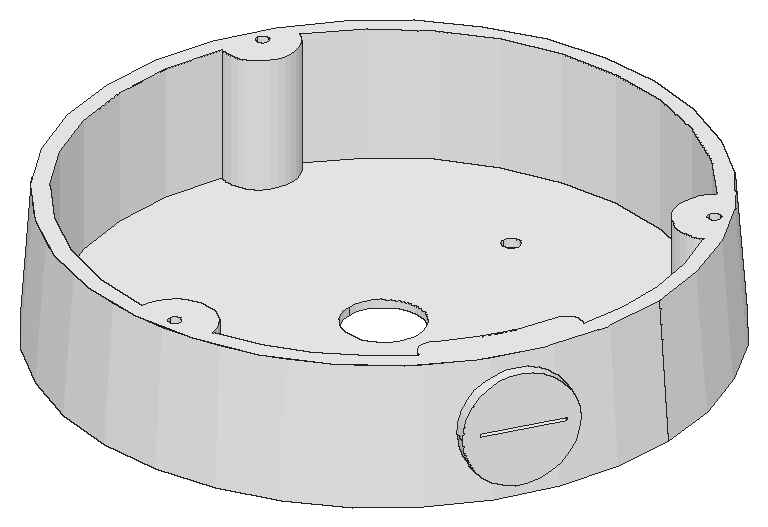
Revit family "DA-JB2200-IDIS", category Security Devices, Revit 2015
Parameters
  Default Elevation = 1219.2 mm
Reference planes
  plane 1 "Center (Front/Back)": y = 0
  plane 2: z = 0
  plane 3 "Center (Left/Right)": x = 0
  plane 4: z = 33.3
  plane 5: z = 2
  plane 6: through (62.398, -20.271, 1200) normal (0.8704, -0.4924, 0)
Forms (mm)
  SweptBlend 1, solid, material "Metal - White -IDIS"
    path origin (0, 0, 0) x (0, 1, 0) y (0, 0, 1)
      loop
        line (0, 0) -> (0, 33.3)
    profile origin (0, 0, 0) x (0, -1, 0) y (1, 0, 0)
      loop
        circle (0, 0) r 77.5
    end profile origin (0, 0, 33.3) x (0, -1, 0) y (1, 0, 0)
      loop
        circle (0, 0) r 75
  SweptBlend 2, void
    path origin (0, 0, 0) x (0, 1, 0) y (0, 0, 1)
      loop
        line (0, 2) -> (0, 33.3)
    profile origin (0, 0, 2) x (0, -1, 0) y (1, 0, 0)
      loop
        arc (70.338, 9.674) -> (63.584, 31.593) -> (50.194, 50.215) r 71
        arc (50.194, 50.215) -> (47.588, 47.686) -> (44.067, 48.573) r 3.729
        arc (44.067, 48.573) -> (32.703, 57.076) -> (19.62, 62.576) r 58.209
        arc (19.62, 62.576) -> (17.066, 65.166) -> (17.983, 68.685) r 3.681
        arc (17.983, 68.685) -> (-4.622, 70.849) -> (-26.754, 65.767) r 71
        arc (-26.754, 65.767) -> (-31.013, 53.541) -> (-43.738, 55.928) r 9.925
        arc (-43.738, 55.928) -> (-70.995, -0.816) -> (-42.442, -56.918) r 71
        arc (-42.442, -56.918) -> (-30.57, -54.046) -> (-26.915, -65.701) r 8.939
        arc (-26.915, -65.701) -> (35.532, -61.469) -> (70.366, -9.468) r 71
        arc (70.366, -9.468) -> (61.801, 0.09) -> (70.338, 9.674) r 9.632
    end profile origin (0, 0, 33.3) x (0, -1, 0) y (1, 0, 0)
      loop
        arc (-26.915, -65.701) -> (35.532, -61.469) -> (70.366, -9.468) r 71
        arc (70.366, -9.468) -> (61.801, 0.09) -> (70.338, 9.674) r 9.632
        arc (70.338, 9.674) -> (63.584, 31.593) -> (50.194, 50.215) r 71
        arc (50.194, 50.215) -> (47.143, 47.554) -> (43.476, 49.271) r 3.708
        arc (43.476, 49.271) -> (32.606, 57.129) -> (20.271, 62.398) r 60.468
        arc (20.271, 62.398) -> (17.129, 64.814) -> (17.983, 68.685) r 3.695
        arc (17.983, 68.685) -> (-4.622, 70.849) -> (-26.754, 65.767) r 71
        arc (-26.754, 65.767) -> (-31.013, 53.541) -> (-43.738, 55.928) r 9.925
        arc (-43.738, 55.928) -> (-70.995, -0.816) -> (-42.442, -56.918) r 71
        arc (-42.442, -56.918) -> (-30.57, -54.046) -> (-26.915, -65.701) r 8.939
  Extrusion 3, void
    sketch origin (0, 580, 2) x (-1, 0, 0) y (0, 1, 0)
      loop
        circle (0, -580) r 9.525
      loop
        circle (-0.17, -536.86) r 2.2
      loop
        circle (-37.349, -601.48) r 2.2
      loop
        circle (37.372, -601.488) r 2.231
    from 0 to 2
  Extrusion 4, void
    sketch origin (0, 1632.544, 33.3) x (-1, 0, 0) y (0, 1, 0)
      loop
        circle (61.431, -1596.945) r 1.5
      loop
        circle (-61.473, -1597.019) r 1.5
      loop
        circle (0, -1703.544) r 1.5
    from 0 to 33.3
  Extrusion 5, solid, material "Metal - White -IDIS"
    sketch origin (44.795, -51.388, 1199.721) x (0.492373, 0.870384, 0) y (0, 0, 1)
      loop
        circle (22.848, -1183.293) r 13.5
    from 1.624 to 13.844
  Extrusion 6, void
    sketch origin (72.099, -3.122, 1200) x (-0.492373, -0.870384, 0) y (0, 0, 1)
      loop
        line (42.103, -1182.681) -> (22.103, -1182.681) -> (22.103, -1183.684) -> (42.103, -1183.684) -> (42.103, -1182.681)
    from 0.965 to -14.927
Cuts and joins
  SweptBlend 2, Extrusion 3, Extrusion 4, Extrusion 6 cuts SweptBlend 1
  Extrusion 6 cuts Extrusion 5
  joined: SweptBlend 1, Extrusion 5
Dimensions and locks
  aligned and locked: level to plane 2
